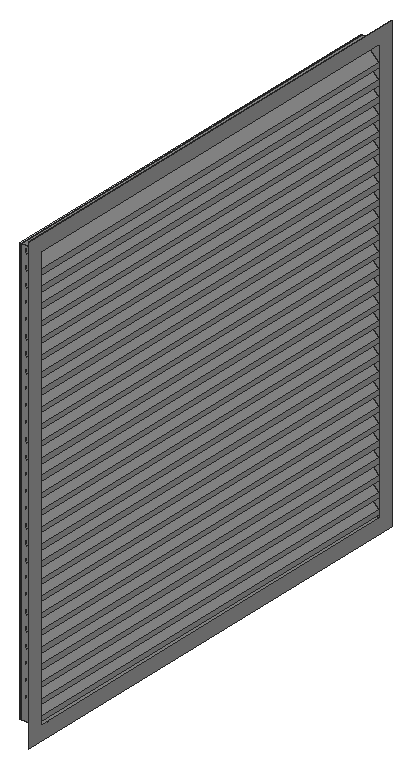
Revit family "Czerpnia ścienna CzS-A", category Terminale wentylacyjne, Revit 2018
Family settings
  Wymiar okrągłego złącza = Użyj średnicy
  Typ części = Normalny
  Numer OmniClass = 23.75.70.21.27.11
  Tytuł OmniClass = Diffusers, Registers, and Grilles
  Oparty na płaszczyźnie roboczej = Nie
  Zawsze pionowo = Tak
  Tnij formami wycięć po wczytaniu = Nie
  Współdzielony = Nie
  Punkt obliczania pomieszczeń = Nie
Parameters (values of type "KO")
  Wysokość wlotu = H - 10 mm  # 1490 mm
  Wysokość otworu montażowego = 1500 mm
  Wymiary - informacja = "Jeżeli czerpnia przekracza maksymalne wymiary modułu (2800x1500) konieczne jest dzielenie produktu na moduły, których wymiary są ustalane indywidualnie"  # constant formula
  Wykonanie stal ocynkowana = no
  Wykonanie stal nierdzewna = yes
  Wykonanie aluminium = no
  Wariant wykonania powyżej L=2350 mm i H=1500 mm [instance] = Czerpnie ścienne + podkonstrukcja : Czerpnie ścienne + podkonstrukcja
  Wariant wykonania - dzielenie [instance] = if(L < 2001 mm, "", if(S3, "Rama w całości + dzielona żaluzja czerpni", if(S2, "Czerpnie ścienne + podkonstrukcja", if(S1, "Czerpnie ścienne puzzle", ""))))  # ""
  Wariant montażu [instance] = Montaż widoczny na wkręty : Montaż widoczny na wkręty
  Waga [instance] = if(or(Wykonanie stal nierdzewna, Wykonanie stal ocynkowana), 1.00 kg * ((L / 1000 mm + 0.1) * 0.15 * 8 * 2) + ((H / 1000 mm + 0.1) * 0.15 kg * 8 * 2) + ((rounddown(H / Rozstaw lameli) * 0.11 kg * L / 1000 mm * 8) + 2.50 kg), ((L / 1000 mm + 0.1) * 0.15 kg * 1.5 * 2.7 * 2) + ((H / 1000 mm + 0.1) * 0.15 kg * 1.5 * 2.7 * 2) + (((rounddown(H / Rozstaw lameli)) * 0.11 kg * 1.5 * L / 1000 mm * 2.7) + 2.50 kg))  # 45.82 kg
  W3 [instance] = Wariant montażu = Montaż niewidoczny ramka  # no
  W2 [instance] = Wariant montażu = Montaż niewidoczny wąsy  # no
  W1 [instance] = Wariant montażu = Montaż widoczny na wkręty  # yes
  URL = "https://www.sawpol.pl/pl/oferta/item/12-czerpnie-powietrza/61-czs-a"
  Szerokość wlotu = L - 10 mm  # 1490 mm
  Szerokość ramy [instance] = if(Ramka z wywinięciem na ściane, if(or(L < 1001 mm, H < 1001 mm), 25 mm, 50 mm), 15 mm)  # 50 mm
  Szerokość otworu montażowego = 1500 mm
  Spadek ciśnienia [instance] = if(Prędkość przepływu = 0.0 m/s, 0.0 Pa, if(Rozstaw lameli 55 mm, 0.11 Pa * (Prędkość przepływu / (1.0 m/s)) ^ 2 + 5.02 Pa * (Prędkość przepływu / (1.0 m/s)) + 3.16 Pa, 0.1 Pa * (Prędkość przepływu / (1.0 m/s)) ^ 2 + 4.75 Pa * (Prędkość przepływu / (1.0 m/s)) + 2.78 Pa))  # 0.0 Pa
  S3 [instance] = if(and(and(L < 2351 mm, H < 1501 mm), L > 2000 mm), 2 > 1, 2 < 1)  # no
  S2 [instance] = and(L > 2350 mm, H > 1500 mm, [Wariant wykonania powyżej L=2350 mm i H=1500 mm] = Podkonstrukcja)  # no
  S1 [instance] = and(L > 2350 mm, H > 1500 mm, [Wariant wykonania powyżej L=2350 mm i H=1500 mm] = Puzzle)  # no
  Rozstaw lameli 65 mm [instance] = no
  Rozstaw lameli 55 mm [instance] = not(Rozstaw lameli 65 mm)  # yes
  Rozstaw lameli [instance] = if(Rozstaw lameli 55 mm, 55 mm, 65 mm)  # 55 mm
  Ramka z wywinięciem na ściane [instance] = not(Ramka w ceowniku)  # yes
  Ramka w ceowniku [instance] = no
  RAL informacja [instance] = "Jeżeli czerpnia ma zostać pomalowana na kolor z palety RAL, nalezy zaznaczyć poniższy parametr i wpisać numer koloru w parametr <Kolor RAL>"  # constant formula
  Puzzle [instance] = Czerpnie ścienne puzzle : Czerpnie ścienne puzzle
  Prędkość przepływu [instance] = Przepływ zdeklarowany / Powierzchnia efektywna  # 0.0 m/s
  Przepływ zdeklarowany [instance] = 0.0 m³/h
  Producent = "PPHU SAW-POL"  # constant formula
  Powierzchnia efektywna [instance] = if(Rozstaw lameli 55 mm, 0.58 * L * H, 0.67 * L * H)  # 1.305 m²
  Podkonstrukcja [instance] = Czerpnie ścienne + podkonstrukcja : Czerpnie ścienne + podkonstrukcja
  Obraz typu = CZS-A.jpg
  Montaż widoczny na wkręty [instance] = Montaż widoczny na wkręty : Montaż widoczny na wkręty
  Montaż niewidoczny wąsy [instance] = Montaż niewidoczny za pomocą wkrętów oraz wąsów : Montaż niewidoczny za pomocą wkrętów oraz wąsów
  Montaż niewidoczny ramka [instance] = Montaż niewidoczny za pomocą wkrętów oraz ramki : Montaż niewidoczny za pomocą wkrętów oraz ramki
  Montaż - informacja [instance] = "W przypadku konieczności zastosowania innego rodzaju montażu należy skontaktować się z producentem"  # constant formula
  Model = "CzS-A"  # constant formula
  Minimalna wysokość otworu montażowego = 300 mm  # constant formula
  Minimalna szerokość otworu montażowego = 300 mm  # constant formula
  Materiał piór = SAW-POL Stal nierdzewna
  Materiał = SAW-POL Stal nierdzewna
  Maksymalna wysokość otworu montażowego modułu = 1500 mm  # constant formula
  Maksymalna szerokość otworu montażowego modułu = 2800 mm  # constant formula
  L = if(Szerokość otworu montażowego < Minimalna szerokość otworu montażowego, Minimalna szerokość otworu montażowego, if(Szerokość otworu montażowego > Maksymalna szerokość otworu montażowego modułu, Maksymalna szerokość otworu montażowego modułu, Szerokość otworu montażowego))  # 1500 mm
  Komentarze do typu = "Czerpnia lub wyrzutnia powietrza"  # constant formula
  Kolor czerpni wg palety RAL [instance] = no
  Kolor RAL [instance] = "RAL9006"
  Kod produktu - budowa [instance] = size_lookup("Kod produktu CzS-A", "", " ", if(Wykonanie stal ocynkowana, 1, 0), if(Wykonanie aluminium, 1, 0), if(Wykonanie stal nierdzewna, 1, 0), if(Ramka z wywinięciem na ściane, 0, 1), if(W1, 1, 0), if(W2, 1, 0), if(W3, 1, 0))  # "KO/R1/W1"
  Kod produktu - RAL [instance] = if(not(Kolor czerpni wg palety RAL), "RAL9006", Kolor RAL)  # "RAL9006"
  Karta katalogowa = "https://www.sawpol.pl/pliki/pl/CzS-A_Saw-Pol.pdf"
  IfcExportAs = "IfcFlowTerminal"  # constant formula
  H = if(Wysokość otworu montażowego < Minimalna wysokość otworu montażowego, Minimalna wysokość otworu montażowego, if(Wysokość otworu montażowego > Maksymalna wysokość otworu montażowego modułu, Maksymalna szerokość otworu montażowego modułu, Wysokość otworu montażowego))  # 1500 mm
  Głębokość ramy [instance] = if(or(L < 1001 mm, H < 1001 mm), 55 mm, 70 mm)  # 70 mm
  Deklaracja zgodności = "10/DZ/2020/K"  # constant formula
  Atest Higieniczny = "HK/K/0522/02/2016"  # constant formula
Types (3, lengths in mm): name | Wysokość wlotu | Wysokość otworu montażowego | Wykonanie stal ocynkowana | Wykonanie stal nierdzewna | Wykonanie aluminium | Wariant wykonania powyżej L=2350 mm i H=1500 mm | Waga | Szerokość wlotu | Szerokość ramy | Szerokość otworu montażowego | Powierzchnia efektywna | Materiał piór | Materiał | L | Kod produktu - budowa | H | Głębokość ramy
  OC | 990 | 1000 | yes | no | no | Czerpnie ścienne + podkonstrukcja : Czerpnie ścienne + podkonstrukcja | 23.62 kg | 990 | 25 | 1000 | 0.58 m² | SAW_POL Stal ocynkowana | SAW_POL Stal ocynkowana | 1000 | "OC/R1/W1" | 1000 | 55
  AL | 990 | 1000 | no | no | yes | Czerpnie ścienne puzzle : Czerpnie ścienne puzzle | 13.192 kg | 990 | 25 | 1000 | 0.58 m² | SAW_POL Aluminium | SAW_POL Aluminium | 1000 | "AL/R1/W1" | 1000 | 55
  KO | 1490 | 1500 | no | yes | no | Czerpnie ścienne + podkonstrukcja : Czerpnie ścienne + podkonstrukcja | 45.82 kg | 1490 | 50 | 1500 | 1.305 m² | SAW-POL Stal nierdzewna | SAW-POL Stal nierdzewna | 1500 | "KO/R1/W1" | 1500 | 70
Reference planes
  plane 1 "Środek (Przód/Tył)": y = 0
  plane 2: z = 0
  plane 3 "Środek (Lewa/Prawa)": x = 0
  plane 4: y = 745
  plane 5: y = -745
  plane 6 "L": x = -35
  plane 7 "1": x = 35
  plane 8 "G": z = 745
  plane 9 "D": z = -745
  plane 10: y = -995
  plane 11: y = 250
  plane 12: y = -250
  plane 13: y = 300
  plane 14: y = -300
  plane 15: x = 292.5
  plane 16: z = 742
  plane 17: z = 750
  plane 18: z = -750
  plane 19: y = 750
  plane 20: y = -750
  plane 21: y = 248.333
  plane 22: y = -248.333
  plane 23 "2": x = 38.181
Forms (mm)
  Extrusion 1, solid, material "SAW-POL Stal nierdzewna" <- "Materiał", visible <- "Ramka z wywinięciem na ściane", detail levels medium+fine
    sketch origin (-35, 753.399, 1200) x (0, 1, 0) y (0, 0, 1)
      loop
        line (-1495.399, -458) -> (-1495.399, -1942) -> (-11.399, -1942) -> (-11.399, -458) -> (-1495.399, -458)
      loop
        line (-1498.399, -455) -> (-1498.399, -1945) -> (-8.399, -1945) -> (-8.399, -455) -> (-1498.399, -455)
    from 0 to 70
  Extrusion 2, solid, material "SAW-POL Stal nierdzewna" <- "Materiał", visible <- "Ramka z wywinięciem na ściane", detail levels medium+fine
    sketch origin (35, -925.227, 1200) x (0, -1, 0) y (0, 0, 1)
      loop
        line (-133.227, -408) -> (-1717.227, -408) -> (-1717.227, -1992) -> (-133.227, -1992) -> (-133.227, -408)
      loop
        line (-183.227, -458) -> (-1667.227, -458) -> (-1667.227, -1942) -> (-183.227, -1942) -> (-183.227, -458)
    from 3 to 0
  Extrusion 3, solid, material "SAW-POL Stal nierdzewna" <- "Materiał", visible <- "S3", detail levels medium+fine
    sketch origin (0, 0, -745) x (0, 1, 0) y (-1, 0, 0)
      loop
        line (0, -35.57) -> (10, -35.57) -> (10, -30) -> (0, -30) -> (-10, -30) -> (-10, -35.57) -> (0, -35.57)
    from 3 to 1487
  Extrusion 4, solid, material "SAW-POL Stal nierdzewna" <- "Materiał", visible <- "Ramka w ceowniku", detail levels medium+fine
    sketch origin (35, -925.227, 1200) x (0, -1, 0) y (0, 0, 1)
      loop
        line (-1675.227, -450) -> (-1675.227, -1950) -> (-175.227, -1950) -> (-175.227, -450) -> (-1675.227, -450)
      loop
        line (-1660.227, -465) -> (-1660.227, -1935) -> (-190.227, -1935) -> (-190.227, -465) -> (-1660.227, -465)
    from 3 to 0
  Extrusion 5, solid, material "SAW-POL Stal nierdzewna" <- "Materiał", visible <- "Ramka w ceowniku", detail levels medium+fine
    sketch origin (-35, 753.399, 1200) x (0, 1, 0) y (0, 0, 1)
      loop
        line (-3.399, -450) -> (-1503.399, -450) -> (-1503.399, -1950) -> (-3.399, -1950) -> (-3.399, -450)
      loop
        line (-18.399, -465) -> (-1488.399, -465) -> (-1488.399, -1935) -> (-18.399, -1935) -> (-18.399, -465)
    from 3 to 0
  Extrusion 6, solid, material "SAW-POL Stal nierdzewna" <- "Materiał", visible <- "Ramka w ceowniku", detail levels medium+fine
    sketch origin (-35, 753.399, 1200) x (0, 1, 0) y (0, 0, 1)
      loop
        line (-1500.399, -453) -> (-1500.399, -1947) -> (-6.399, -1947) -> (-6.399, -453) -> (-1500.399, -453)
      loop
        line (-1503.399, -450) -> (-1503.399, -1950) -> (-3.399, -1950) -> (-3.399, -450) -> (-1503.399, -450)
    from 0 to 70 <- "Głębokość ramy"
  Extrusion 7, solid, material "SAW-POL Stal nierdzewna" <- "Materiał", visible <- "S1", detail levels medium+fine
    sketch origin (0, -448.333, -745) x (0, 1, 0) y (-1, 0, 0)
      loop
        line (200, -35.57) -> (210, -35.57) -> (210, -30) -> (200, -30) -> (190, -30) -> (190, -35.57) -> (200, -35.57)
      loop
        line (696.667, -35.57) -> (706.667, -35.57) -> (706.667, -30) -> (696.667, -30) -> (686.667, -30) -> (686.667, -35.57) -> (696.667, -35.57)
    from 3 to 1495
Cuts and joins
  joined: Extrusion 1, Extrusion 2
  joined: Extrusion 4, Extrusion 5, Extrusion 6
Lines and regions (mm)
  model lines, style "SAW-POL", detail levels coarse
    curve 1: line (465, 125, 0) -> (115, 125, 0)
    curve 2: line (115, 125, 0) -> (177.354, 161, 0)
    curve 3: line (115, 125, 0) -> (174.582, 90.6, 0)
    curve 4: line (115, 0, 0) -> (465, 0, 0)
    curve 5: line (115, 0, 0) -> (177.354, 36, 0)
    curve 6: line (115, 0, 0) -> (174.582, -34.4, 0)
    curve 7: line (115, -125, 0) -> (465, -125, 0)
    curve 8: line (115, -125, 0) -> (177.354, -89, 0)
    curve 9: line (115, -125, 0) -> (174.582, -159.4, 0)
    curve 10: line (35, 300, 0) -> (35, -300, 0)
    curve 11: line (35, -250, 0) -> (-35, -250, 0)
    curve 12: line (-35, -250, 0) -> (-35, 250, 0)
    curve 13: line (-35, 250, 0) -> (35, 250, 0)
Dimensions and locks
  equal spacing: plane 4, plane 1 "Środek (Przód/Tył)", plane 5
  "Szerokość wlotu": plane 4 to plane 5
  equal spacing: plane 6 "L", plane 3 "Środek (Lewa/Prawa)", plane 7 "1"  (x2)
  equal spacing: plane 8 "G", level, plane 9 "D"
  "Wysokość wlotu": plane 8 "G" to plane 9 "D"
  "Głębokość ramy": plane 6 "L" to plane 7 "1"
  locked: Extrusion 1 sketch curve to Extrusion 1 sketch curve at 3  (x4)
  plane 5 to plane 10 = 250 mm
  locked: plane 11 to plane 1 "Środek (Przód/Tył)" at 250
  locked: plane 12 to plane 1 "Środek (Przód/Tył)" at 250
  locked: plane 13 to plane 11 at 50
  locked: plane 12 to plane 14 at 50
  equal spacing: Extrusion 3 sketch curve, plane 1 "Środek (Przód/Tył)", Extrusion 3 sketch curve
  locked: Extrusion 3 sketch curve to Extrusion 3 sketch curve at 20
  "Szerokość ramy": Extrusion 1 to Extrusion 2 sketch curve
  "Szerokość ramy": Extrusion 2 sketch curve to Extrusion 2 sketch curve  (x2)
  "Szerokość ramy": Extrusion 2 sketch curve to Extrusion 1
  locked: plane 8 "G" to plane 16 at 3
  equal spacing: plane 18, level, plane 17
  "H": plane 18 to plane 17
  equal spacing: plane 19, plane 1 "Środek (Przód/Tył)", plane 20
  "L": plane 19 to plane 20
  locked: Extrusion 4 sketch curve to plane 20 at 15
  locked: plane 19 to Extrusion 4 sketch curve at 15
  locked: plane 18 to Extrusion 4 sketch curve at 15
  locked: plane 17 to Extrusion 4 sketch curve at 15
  locked: Extrusion 6 sketch curve to Extrusion 6 sketch curve at 3  (x4)
  equal spacing: plane 4, plane 21, plane 22, plane 5
  Extrusion 7 sketch curve to Extrusion 7 sketch curve = 20 mm  (x2)
  equal spacing: Extrusion 7 sketch curve, plane 22, Extrusion 7 sketch curve
  equal spacing: Extrusion 7 sketch curve, plane 21, Extrusion 7 sketch curve
  locked: plane 7 "1" to plane 23 "2" at 3.181
  aligned and locked: level to plane 2
  aligned and locked: nested 1 to plane 1 "Środek (Przód/Tył)"
  aligned and locked: level to nested 1
  aligned and locked: plane 8 "G" to Extrusion 1
  aligned and locked: Extrusion 1 to plane 9 "D"
  aligned and locked: Extrusion 1 sketch curve to plane 4
  aligned and locked: Extrusion 1 sketch curve to plane 5
  aligned and locked: plane 7 "1" to nested 2
  aligned and locked: plane 7 "1" to nested 3
  aligned and locked: level to nested 4
  aligned and locked: nested 4 to plane 1 "Środek (Przód/Tył)"
  aligned and locked: nested 5 to plane 7 "1"
  aligned and locked: nested 6 to plane 7 "1"
  aligned and locked: curve 2 to nested 2
  aligned and locked: curve 3 to nested 2
  aligned and locked: curve 4 to nested 2
  aligned and locked: curve 5 to nested 2
  aligned and locked: curve 6 to nested 2
  aligned and locked: curve 7 to nested 2  (x2)
  aligned and locked: curve 8 to nested 2
  aligned and locked: curve 9 to nested 2
  aligned and locked: plane 13 to curve 10
  aligned and locked: plane 7 "1" to curve 10
  aligned and locked: curve 10 to curve 11
  aligned and locked: curve 11 to nested 2
  aligned and locked: curve 13 to nested 2
  aligned and locked: Extrusion 2 sketch curve to Extrusion 1  (x4)
  aligned and locked: Extrusion 1 to plane 7 "1"
  aligned and locked: Extrusion 3 to Extrusion 1
  aligned and locked: Extrusion 3 to plane 16
  aligned and locked: plane 17 to Extrusion 4 sketch curve
  aligned and locked: Extrusion 4 sketch curve to plane 19
  aligned and locked: plane 18 to Extrusion 4 sketch curve
  aligned and locked: plane 20 to Extrusion 4 sketch curve
  aligned and locked: Extrusion 6 sketch curve to plane 20
  aligned and locked: Extrusion 6 sketch curve to plane 17
  aligned and locked: Extrusion 6 sketch curve to plane 19
  aligned and locked: plane 18 to Extrusion 6 sketch curve
  aligned and locked: cut or joined group of Extrusion 4, Extrusion 5, Extrusion 6 to Extrusion 7
Automatic sketch dimensions
  curve 12 to plane 6 "L" = 0 mm
  plane 1 "Środek (Przód/Tył)" to curve 5 = 0 mm
  curve 10 to plane 14 = 0 mm
  curve 11 to plane 12 = 0 mm
  curve 12 to plane 11 = 0 mm
  curve 5 to plane 23 "2" = 76.819 mm
  curve 1 to plane 23 "2" = 76.819 mm
  curve 8 to plane 23 "2" = 76.819 mm
  curve 9 to curve 4 = 125 mm
  curve 2 to plane 1 "Środek (Przód/Tył)" = 125 mm
  plane 1 "Środek (Przód/Tył)" to curve 6 = 34.4 mm
  curve 4 to curve 6 = 59.582 mm
  curve 1 to curve 3 = 59.582 mm
  curve 7 to curve 9 = 59.582 mm
  curve 3 to curve 2 = 2.771 mm
  curve 6 to curve 8 = 2.771 mm
  curve 5 to plane 1 "Środek (Przód/Tył)" = 36 mm
  curve 3 to curve 5 = 2.771 mm
  curve 4 to plane 15 = 172.5 mm
  curve 7 to curve 4 = 0 mm
  curve 1 to curve 4 = 0 mm
  curve 9 to curve 7 = 34.4 mm
  curve 8 to curve 6 = 54.6 mm
  curve 5 to curve 3 = 54.6 mm
  curve 3 to curve 2 = 70.4 mm
  plane 9 "D" to Extrusion 1 sketch curve = 0 mm
  plane 16 to Extrusion 1 sketch curve = 0 mm
  plane 1 "Środek (Przód/Tył)" to Extrusion 3 sketch curve = 0 mm  (x2)
  Extrusion 3 sketch curve to plane 7 "1" = 0.57 mm
  plane 7 "1" to Extrusion 3 sketch curve = 5 mm
  Extrusion 5 sketch curve to plane 17 = 0 mm
  Extrusion 5 sketch curve to plane 20 = 0 mm
  plane 18 to Extrusion 5 sketch curve = 0 mm
  Extrusion 5 sketch curve to plane 19 = 0 mm
  plane 5 to Extrusion 5 sketch curve = 10 mm
  Extrusion 5 sketch curve to plane 4 = 10 mm
  plane 9 "D" to Extrusion 5 sketch curve = 10 mm
  plane 16 to Extrusion 5 sketch curve = 7 mm
  Extrusion 7 sketch curve to plane 22 = 0 mm  (x2)
  Extrusion 7 sketch curve to plane 21 = 0 mm  (x2)
  Extrusion 7 sketch curve to Extrusion 7 sketch curve = 10 mm
  Extrusion 7 sketch curve to plane 7 "1" = 0.57 mm  (x2)
  Extrusion 7 sketch curve to plane 21 = 10 mm
  plane 7 "1" to Extrusion 7 sketch curve = 5 mm  (x2)
Nested families
  nested 1: "Lamele" at (38.181, 0, 0) x (0, -1, 0) z (1, 0, 0), Szerokość <- "L", Wysokość <- "H", Materiał <- "Materiał piór", Rozstaw lameli <- "Rozstaw lameli", type "Lamele", detail levels medium+fine
    with Wysokość 1500 mm, Szerokość 1500 mm, Start 50 mm, Rozstaw lameli 55 mm, Materiał SAW-POL Stal nierdzewna, Liczba lameli 27
  nested 2: "Czerpnia rzut" at (0, 0, 0), S <- "Głębokość ramy", type "Czerpnia rzut", detail levels coarse
    with S 70 mm, H 500 mm
  nested 3: "Czerpnia rzut" at (0, 0, 0), H <- "Szerokość wlotu", S <- "Głębokość ramy", type "Czerpnia rzut", detail levels medium+fine
    with S 70 mm, H 1490 mm
  nested 4: "Czerpnia lub wyrzutnia prostokątna widok" at (-115, 0, 0) x (0, -1, 0) z (1, 0, 0), Szerokość <- "Szerokość wlotu", Wysokość <- "Wysokość wlotu", Szerokość ramy <- "Szerokość ramy", type "Czerpnia lub wyrzutnia prostokątna widok"
    with Wysokość 1490 mm, Szerokość ramy 50 mm, Szerokość 1490 mm
  nested 5: "Czerpnia elewacja" at (0, 250, 0) x (1, 0, 0) z (0, 1, 0), H <- "Wysokość wlotu", S <- "Głębokość ramy", type "Czerpnia elewacja", detail levels medium+fine
    with S 70 mm, Rozstaw lameli na wysokości 1330 mm, Liczba lameli 8, H 1490 mm, Długość kanału 1000 mm
  nested 6: "Czerpnia elewacja" at (0, 250, 0) x (1, 0, 0) z (0, 1, 0), S <- "Głębokość ramy", type "Czerpnia elewacja", detail levels coarse
    with S 70 mm, Rozstaw lameli na wysokości 340 mm, Liczba lameli 2, H 500 mm, Długość kanału 1000 mm
  nested 7: "Siatka ochronna" at (-35, 0, 0) x (0, 1, 0) z (1, 0, 0), C <- "L", D <- "H", type "Siatka ochronna", detail levels medium+fine
    with D+15 1490 mm, D 1500 mm, C+15 1490 mm, C 1500 mm
Connectors
  hvac at (-35, 0, 0), driven by "Wysokość wlotu", driven by "Szerokość wlotu", driven by "Przepływ zdeklarowany", driven by "Spadek ciśnienia"
    settings: on Extrusion 1, index 1, duct flow 0.0 m³/h, flow factor 1, pres drop 0.0 Pa, loss coef 1, conn angle 0.00°, conn width 1490 mm, conn height 1490 mm, conn diameter 609.6 mm, duct sys type 1, conn prof type 1, flow config 0, flow direction 0, loss method 4, conn ref index -1, conn util no, is conn primary yes, conn desc ""
Definition of nested family "Lamele"
  Parameters (values of type "Lamele")
    Wysokość [instance] = 1000 mm
    Szerokość [instance] = 2000 mm
    Start [instance] = 50 mm  # constant formula
    Rozstaw lameli [instance] = 55 mm
    Materiał [instance] = none
    Liczba lameli [instance] = Wysokość / Rozstaw lameli  # 18
    Default Elevation = 1219.2 mm
  Reference planes
    plane 1 "Środek (Przód/Tył)": y = 0
    plane 2: z = 0
    plane 3 "Środek (Lewa/Prawa)": x = 0
    plane 4: y = 500
    plane 5: y = -500
    plane 6: x = -1000
    plane 7: x = 1000
    plane 8: y = 0
    plane 9: y = 450
    plane 10: y = -450
    plane 11: x = 992.5
    plane 12: y = -492.5
    plane 13: x = -992.5
    plane 14: y = 492.5
    plane 15: z = -30
  Forms (mm)
    Extrusion 1, solid
      sketch origin (0, 0, 0) x (1, 0, 0) y (0, 1, 0)
        loop
          line (-1219.2, 1219.2) -> (-1219.2, -1219.2) -> (1219.2, -1219.2) -> (1219.2, 1219.2) -> (-1219.2, 1219.2)
      from 0 to -304.8
  Dimensions and locks
    equal spacing: plane 6, plane 3 "Środek (Lewa/Prawa)", plane 7
    "Szerokość": plane 6 to plane 7
    equal spacing: plane 4, plane 1 "Środek (Przód/Tył)", plane 5
    "Wysokość": plane 4 to plane 5
    equal spacing: group 1, group 3, group 4, group 5, group 6, group 7, group 8, group 9, group 10, group 11, group 12, group 13, group 14, group 15, group 16, group 17, group 18, group 2  (x2)
    equal spacing: group 2, group 18, group 17, group 16, group 15, group 14, group 13, group 12, group 11, group 10, group 9, group 8, group 7, group 6, group 5, group 4, group 3, group 1
    "Start": plane 4 to plane 9
    "Start": plane 10 to plane 5
    locked: plane 4 to plane 14 at 7.5
    locked: plane 6 to plane 13 at 7.5
    locked: plane 11 to plane 7 at 7.5
    locked: plane 5 to plane 12 at 7.5
    aligned and locked: plane 2 to Extrusion 1
    aligned and locked: level to Extrusion 1
    aligned and locked: nested 2 to plane 10
    aligned and locked: nested 1 to plane 9
  Automatic sketch dimensions
    Extrusion 1 sketch curve to Extrusion 1 sketch curve = 2438.4 mm  (x2)
  Nested families
    nested 1: "Lamela" at (0, 450, -30), Szerokość <- "Szerokość", Materiał <- "Materiał", type "Lamela"
      with Szerokość 2000 mm, Materiał none
    nested 2: "Lamela" at (0, -450, -30), Szerokość <- "Szerokość", Materiał <- "Materiał", type "Lamela"
      with Szerokość 2000 mm, Materiał none
    nested 3: "Lamela" at (0, 397.059, -30), Szerokość <- "Szerokość", Materiał <- "Materiał", type "Lamela"
      with Szerokość 2000 mm, Materiał none
    nested 4: "Lamela" at (0, 344.118, -30), Szerokość <- "Szerokość", Materiał <- "Materiał", type "Lamela"
      with Szerokość 2000 mm, Materiał none
    nested 5: "Lamela" at (0, 291.176, -30), Szerokość <- "Szerokość", Materiał <- "Materiał", type "Lamela"
      with Szerokość 2000 mm, Materiał none
    nested 6: "Lamela" at (0, 238.235, -30), Szerokość <- "Szerokość", Materiał <- "Materiał", type "Lamela"
      with Szerokość 2000 mm, Materiał none
    nested 7: "Lamela" at (0, 185.294, -30), Szerokość <- "Szerokość", Materiał <- "Materiał", type "Lamela"
      with Szerokość 2000 mm, Materiał none
    nested 8: "Lamela" at (0, 132.353, -30), Szerokość <- "Szerokość", Materiał <- "Materiał", type "Lamela"
      with Szerokość 2000 mm, Materiał none
    nested 9: "Lamela" at (0, 79.412, -30), Szerokość <- "Szerokość", Materiał <- "Materiał", type "Lamela"
      with Szerokość 2000 mm, Materiał none
    nested 10: "Lamela" at (0, 26.471, -30), Szerokość <- "Szerokość", Materiał <- "Materiał", type "Lamela"
      with Szerokość 2000 mm, Materiał none
    nested 11: "Lamela" at (0, -26.471, -30), Szerokość <- "Szerokość", Materiał <- "Materiał", type "Lamela"
      with Szerokość 2000 mm, Materiał none
    nested 12: "Lamela" at (0, -79.412, -30), Szerokość <- "Szerokość", Materiał <- "Materiał", type "Lamela"
      with Szerokość 2000 mm, Materiał none
    nested 13: "Lamela" at (0, -132.353, -30), Szerokość <- "Szerokość", Materiał <- "Materiał", type "Lamela"
      with Szerokość 2000 mm, Materiał none
    nested 14: "Lamela" at (0, -185.294, -30), Szerokość <- "Szerokość", Materiał <- "Materiał", type "Lamela"
      with Szerokość 2000 mm, Materiał none
    nested 15: "Lamela" at (0, -238.235, -30), Szerokość <- "Szerokość", Materiał <- "Materiał", type "Lamela"
      with Szerokość 2000 mm, Materiał none
    nested 16: "Lamela" at (0, -291.176, -30), Szerokość <- "Szerokość", Materiał <- "Materiał", type "Lamela"
      with Szerokość 2000 mm, Materiał none
    nested 17: "Lamela" at (0, -344.118, -30), Szerokość <- "Szerokość", Materiał <- "Materiał", type "Lamela"
      with Szerokość 2000 mm, Materiał none
    nested 18: "Lamela" at (0, -397.059, -30), Szerokość <- "Szerokość", Materiał <- "Materiał", type "Lamela"
      with Szerokość 2000 mm, Materiał none
  Definition of nested family "Lamela"
    Parameters (values of type "Lamela")
      Szerokość [instance] = 2000 mm
      Materiał [instance] = none
      Default Elevation = 1219.2 mm
    Reference planes
      plane 1 "Środek (Przód/Tył)": y = 0
      plane 2: z = 0
      plane 3 "Środek (Lewa/Prawa)": x = 0
      plane 4: x = -1000
      plane 5: x = 1000
      plane 6: x = -992.5
      plane 7: x = 992.5
    Forms (mm)
      Extrusion 1, solid
        sketch origin (0, 0, 0) x (1, 0, 0) y (0, 1, 0)
          loop
            line (-1219.2, 1219.2) -> (-1219.2, -1219.2) -> (1219.2, -1219.2) -> (1219.2, 1219.2) -> (-1219.2, 1219.2)
        from 0 to -304.8
      Extrusion 2, solid, material <- "Materiał", detail levels fine
        sketch origin (0, 0.293, 0.293) x (0, 0, -1) y (0, 1, 0)
          loop
            line (-21.256, 36.766) -> (-21.256, 19.842) -> (24.042, -25.456) -> (24.042, -39.169) -> (26.042, -39.169) -> (26.042, -24.627) -> (-19.256, 20.671) -> (-19.256, 31.938) -> (-12.064, 24.745) -> (-10.65, 26.16) -> (-21.256, 36.766)
        from -992.5 to 992.5
      Extrusion 3, solid, material <- "Materiał", detail levels medium
        sketch origin (0, 0, 0) x (0, 1, 0) y (0, 0, 1)
          loop
            line (21.978, 37.106) -> (-40.188, -25.06) -> (-24.869, -40.379) -> (37.297, 21.787) -> (21.978, 37.106)
        from -992.5 to 992.5
    Dimensions and locks
      locked: plane 4 to plane 6 at 7.5
      locked: plane 7 to plane 5 at 7.5
      equal spacing: plane 4, plane 3 "Środek (Lewa/Prawa)", plane 5
      "Szerokość": plane 4 to plane 5
      aligned and locked: plane 2 to Extrusion 1
      aligned and locked: level to Extrusion 1
      aligned and locked: Extrusion 2 to plane 6
      aligned and locked: plane 7 to Extrusion 2
      aligned and locked: Extrusion 3 to plane 6
      aligned and locked: plane 7 to Extrusion 3
    Automatic sketch dimensions
      Extrusion 1 sketch curve to Extrusion 1 sketch curve = 2438.4 mm  (x2)
      level to Extrusion 2 sketch curve = 21.549 mm
      Extrusion 2 sketch curve to Extrusion 2 sketch curve = 2 mm  (x2)
      Extrusion 2 sketch curve to Extrusion 2 sketch curve = 7.192 mm
      Extrusion 2 sketch curve to Extrusion 2 sketch curve = 1.414 mm  (x2)
      Extrusion 2 sketch curve to level = 23.749 mm
      plane 1 "Środek (Przód/Tył)" to Extrusion 2 sketch curve = 25.163 mm
      Extrusion 2 sketch curve to Extrusion 2 sketch curve = 0.828 mm  (x2)
      Extrusion 2 sketch curve to plane 1 "Środek (Przód/Tył)" = 20.135 mm
      Extrusion 2 sketch curve to Extrusion 2 sketch curve = 4.075 mm
      Extrusion 2 sketch curve to Extrusion 2 sketch curve = 13.713 mm
      plane 1 "Środek (Przód/Tył)" to Extrusion 3 sketch curve = 40.188 mm
      Extrusion 3 sketch curve to Extrusion 3 sketch curve = 15.319 mm  (x2)
      Extrusion 3 sketch curve to plane 1 "Środek (Przód/Tył)" = 21.978 mm
      Extrusion 3 sketch curve to level = 40.379 mm
Definition of nested family "Siatka ochronna"
  Parameters (values of type "Siatka ochronna")
    Materiał = none
    Default Elevation = 1219.2 mm
    D+15 [instance] = D - 10 mm  # 990 mm
    D [instance] = 1000 mm
    C+15 [instance] = C - 10 mm  # 990 mm
    C [instance] = 1000 mm
  Reference planes
    plane 1 "Środek (Przód/Tył)": y = 0
    plane 2: z = 0
    plane 3 "Środek (Lewa/Prawa)": x = 0
    plane 4: x = -495
    plane 5: x = 495
    plane 6: y = 495
    plane 7: y = -495
    plane 8: z = -400
    plane 9: x = -485
    plane 10: y = 485
    plane 11: x = 485
    plane 12: y = -485
  Forms (mm)
    Extrusion 1, solid
      sketch origin (0, 0, 0) x (1, 0, 0) y (0, 1, 0)
        loop
          line (-1219.2, 1219.2) -> (-1219.2, -1219.2) -> (1219.2, -1219.2) -> (1219.2, 1219.2) -> (-1219.2, 1219.2)
      from 0 to -304.8
    Extrusion 2, solid, material <- "Materiał"
      sketch origin (0, 0, 0) x (1, 0, 0) y (0, 1, 0)
        loop
          line (-495, 495) -> (-495, -495) -> (495, -495) -> (495, 495) -> (-495, 495)
        loop
          line (-485, -485) -> (485, -485) -> (485, 485) -> (-485, 485) -> (-485, -485)
      from 0 to 3
    Extrusion 3, solid
      sketch origin (0, 0, 3) x (1, 0, 0) y (0, 1, 0)
        loop
          line (-485, 485) -> (-485, -485) -> (494.184, -485) -> (494.184, 485) -> (-485, 485)
      from -3 to -2
  Dimensions and locks
    equal spacing: plane 4, plane 3 "Środek (Lewa/Prawa)", plane 5
    "C+15": plane 4 to plane 5
    equal spacing: plane 6, plane 1 "Środek (Przód/Tył)", plane 7
    "D+15": plane 6 to plane 7
    plane 2 to plane 8 = 400 mm
    locked: plane 6 to plane 10 at 10
    locked: plane 4 to plane 9 at 10
    locked: plane 11 to plane 5 at 10
    locked: plane 12 to plane 7 at 10
    aligned and locked: plane 2 to Extrusion 1
    aligned and locked: level to Extrusion 1
    aligned and locked: Extrusion 2 sketch curve to plane 4
    aligned and locked: Extrusion 2 sketch curve to plane 6
    aligned and locked: Extrusion 2 sketch curve to plane 5
    aligned and locked: Extrusion 2 sketch curve to plane 7
    aligned and locked: Extrusion 2 sketch curve to plane 11
    aligned and locked: Extrusion 2 sketch curve to plane 12
    aligned and locked: Extrusion 2 sketch curve to plane 9
    aligned and locked: Extrusion 2 sketch curve to plane 10
  Automatic sketch dimensions
    Extrusion 1 sketch curve to Extrusion 1 sketch curve = 2438.4 mm  (x2)
    Extrusion 3 sketch curve to Extrusion 2 = 9.184 mm
    Extrusion 3 sketch curve to Extrusion 2 = 10 mm  (x3)
Definition of nested family "Czerpnia rzut"
  Parameters (values of type "Czerpnia rzut")
    S [instance] = 200 mm
    H [instance] = 2000 mm
  Reference planes
    plane 1 "Środek (Przód/Tył)": y = 0
    plane 2: z = 0
    plane 3 "Środek (Lewa/Prawa)": x = 0
    plane 4: y = 1000
    plane 5: y = -1000
    plane 6: x = -100
    plane 7: x = 100
    plane 8: y = 500
    plane 9: y = -500
    plane 10: x = 65
    plane 11: x = -65
    plane 12: x = 74.5
    plane 13: x = -900
    plane 14: x = 324
  Lines and regions (mm)
    model lines, in view "Poziom odniesienia"
      curve 1: line (-100, 1000, 0) -> (100, 1000, 0)
      curve 2: line (-100, 1000, 0) -> (-100, -1000, 0)
      curve 3: line (100, 1050, 0) -> (100, -1050, 0)
      curve 4: line (-100, -1000, 0) -> (100, -1000, 0)
      curve 5: line (180, -500, 0) -> (468, -500, 0)
      curve 6: line (180, -500, 0) -> (242.354, -464, 0)
      curve 7: line (180, -500, 0) -> (239.582, -534.4, 0)
    detail lines, in view "Poziom odniesienia"
      curve 8: line (180, 0, 0) -> (468, 0, 0)
      curve 9: line (180, 0, 0) -> (242.354, 36, 0)
      curve 10: line (180, 0, 0) -> (239.582, -34.4, 0)
      curve 11: line (180, 500, 0) -> (468, 500, 0)
      curve 12: line (180, 500, 0) -> (242.354, 536, 0)
      curve 13: line (180, 500, 0) -> (239.582, 465.6, 0)
  Dimensions and locks
    "S": plane 6 to plane 7
    "H": plane 4 to plane 5
    equal spacing: plane 4, plane 1 "Środek (Przód/Tył)", plane 5
    equal spacing: plane 6, plane 3 "Środek (Lewa/Prawa)", plane 7
    equal spacing: plane 4, plane 8, plane 1 "Środek (Przód/Tył)", plane 9, curve 4
    locked: plane 10 to plane 7 at 35
    locked: plane 6 to plane 11 at 35
    locked: plane 5 to curve 3 at 50
    locked: curve 3 to plane 4 at 50
    locked: plane 12 to plane 7 at 25.5
    plane 13 to plane 7 = 1000 mm
    angle plane 9 to curve 7 to curve 6 = 150.00° locked, 60.00° locked
    locked: curve 10 to curve 9 (angle 60.00°)
    locked: curve 13 to curve 12 (angle 60.00°)
    locked: curve 12 to plane 8 (angle 150.00°)
    locked: curve 9 to plane 1 "Środek (Przód/Tył)" (angle 150.00°)
    aligned and locked: curve 1 to plane 4
    aligned and locked: curve 2 to plane 6
    aligned and locked: curve 3 to plane 7
    aligned and locked: curve 11 to plane 8
    aligned and locked: plane 1 "Środek (Przód/Tył)" to curve 8
  Automatic sketch dimensions
    curve 5 to plane 9 = 0 mm
    plane 7 to curve 5 = 80 mm
    plane 7 to curve 10 = 80 mm
    plane 7 to curve 13 = 80 mm
    curve 7 to plane 9 = 34.4 mm
    curve 5 to curve 7 = 59.582 mm
    plane 9 to curve 6 = 36 mm
    curve 7 to curve 6 = 2.771 mm
    curve 3 to plane 5 = 50 mm
    curve 1 to curve 3 = 50 mm
    curve 5 to plane 14 = 144 mm
    curve 8 to plane 14 = 144 mm
    curve 11 to plane 14 = 144 mm
Definition of nested family "Czerpnia lub wyrzutnia prostokątna widok"
  Parameters (values of type "Czerpnia lub wyrzutnia prostokątna widok")
    Wysokość [instance] = 2000 mm
    Szerokość ramy [instance] = 50 mm
    Szerokość [instance] = 1000 mm
  Reference planes
    plane 1 "Środek (Przód/Tył)": y = 0
    plane 2: z = 0
    plane 3 "Środek (Lewa/Prawa)": x = 0
    plane 4: y = 1047
    plane 5: y = -1047
    plane 6: x = -547
    plane 7: x = 547
    plane 8: y = 209.4
    plane 9: y = -628.2
    plane 10: x = 521.5
    plane 11: y = 628.2
    plane 12: y = -209.4
    plane 13: x = -250
    plane 14: x = 250
    plane 15: y = 249.916
    plane 16: y = -249.916
    plane 17: y = 49.983
    plane 18: y = -49.983
    plane 19: y = -149.949
    plane 20: y = 149.949
    plane 21: y = -997
    plane 22: y = 997
    plane 23: y = 1000
    plane 24: y = -1000
    plane 25: x = -497
    plane 26: x = 497
    plane 27: x = -500
    plane 28: x = 500
  Lines and regions (mm)
    model lines, in view "Poziom odniesienia", detail levels medium+fine
      curve 1: line (-547, 1047, 0) -> (547, 1047, 0)
      curve 2: line (-547, 1047, 0) -> (-547, -1047, 0)
      curve 3: line (547, 1047, 0) -> (547, -1047, 0)
      curve 4: line (-547, -1047, 0) -> (547, -1047, 0)
    detail lines, in view "Poziom odniesienia", detail levels medium+fine
      curve 5: line (-547, 69.65, 0) -> (-547, 159.667, 0)
      curve 6: line (-547, 159.667, 0) -> (-547, 169.667, 0)
      curve 7: line (-497, 997, 0) -> (497, 997, 0)
      curve 8: line (-497, -997, 0) -> (-497, 997, 0)
      curve 9: line (497, -997, 0) -> (-497, -997, 0)
      curve 10: line (497, 997, 0) -> (497, -997, 0)
      curve 11: line (-497, -628.2, 0) -> (497, -628.2, 0)
      curve 12: line (-497, -209.4, 0) -> (497, -209.4, 0)
      curve 13: line (-497, 209.4, 0) -> (497, 209.4, 0)
      curve 14: line (-497, 628.2, 0) -> (497, 628.2, 0)
    detail lines, in view "Poziom odniesienia", detail levels coarse
      curve 15: line (-250, 249.916, 0) -> (250, 249.916, 0)
      curve 16: line (-250, 249.916, 0) -> (-250, -249.916, 0)
      curve 17: line (250, 249.916, 0) -> (250, -249.916, 0)
      curve 18: line (-250, -249.916, 0) -> (250, -249.916, 0)
      curve 19: line (-200, 199.916, 0) -> (200, 199.916, 0)
      curve 20: line (-200, -199.916, 0) -> (-200, 199.916, 0)
      curve 21: line (200, -199.916, 0) -> (-200, -199.916, 0)
      curve 22: line (200, 199.916, 0) -> (200, -199.916, 0)
      curve 23: line (-200, -149.949, 0) -> (200, -149.949, 0)
      curve 24: line (-200, -49.983, 0) -> (200, -49.983, 0)
      curve 25: line (-200, 49.983, 0) -> (200, 49.983, 0)
      curve 26: line (-200, 149.949, 0) -> (200, 149.949, 0)
  Dimensions and locks
    equal spacing: plane 4, plane 1 "Środek (Przód/Tył)", plane 5
    equal spacing: plane 6, plane 3 "Środek (Lewa/Prawa)", plane 7
    equal spacing: plane 4, plane 11, plane 8, plane 12, plane 9, plane 5
    equal spacing: plane 13, plane 3 "Środek (Lewa/Prawa)", plane 14
    locked: plane 13 to plane 14 at 500
    equal spacing: plane 15, plane 1 "Środek (Przód/Tył)", plane 16
    locked: plane 15 to plane 16 at 499.831
    equal spacing: plane 15, plane 20, plane 17, plane 18, plane 19, plane 16
    locked: curve 16 to curve 20 at 50
    locked: curve 19 to curve 15 at 50
    locked: curve 21 to plane 16 at 50
    locked: curve 22 to curve 17 at 50
    locked: plane 21 to plane 24 at 3
    locked: plane 23 to plane 22 at 3
    "Szerokość ramy": plane 4 to plane 22
    "Szerokość ramy": plane 21 to plane 5
    "Wysokość": plane 23 to plane 24
    equal spacing: plane 25, plane 3 "Środek (Lewa/Prawa)", plane 26
    locked: plane 27 to plane 25 at 3
    locked: plane 26 to plane 28 at 3
    "Szerokość": plane 27 to plane 28
    "Szerokość ramy": plane 6 to plane 25
    aligned and locked: curve 2 to plane 6
    aligned and locked: curve 3 to plane 7
    aligned and locked: plane 6 to curve 5
    aligned and locked: curve 11 to plane 9
    aligned and locked: curve 12 to plane 12
    aligned and locked: curve 13 to plane 8
    aligned and locked: curve 14 to plane 11
    aligned and locked: curve 26 to plane 20
    aligned and locked: curve 25 to plane 17
    aligned and locked: curve 24 to plane 18
    aligned and locked: curve 23 to plane 19
    aligned and locked: curve 16 to plane 13
    aligned and locked: curve 18 to plane 16
    aligned and locked: curve 15 to plane 15
    aligned and locked: plane 21 to curve 9
    aligned and locked: curve 10 to plane 26
    aligned and locked: plane 25 to curve 8
    aligned and locked: curve 1 to plane 4
    aligned and locked: curve 7 to plane 22
    aligned and locked: curve 4 to plane 5
  Automatic sketch dimensions
    curve 17 to plane 14 = 0 mm
    plane 20 to curve 6 = 9.717 mm
    plane 17 to curve 5 = 19.667 mm
    curve 5 to curve 6 = 10 mm
Definition of nested family "Czerpnia elewacja"
  Parameters (values of type "Czerpnia elewacja")
    S [instance] = 200 mm
    Rozstaw lameli na wysokości [instance] = H - 160 mm  # 1340 mm
    Liczba lameli [instance] = if(H > 415 mm, round(H / 175 mm) - 1, 2)  # 8
    H [instance] = 1500 mm
    Długość kanału [instance] = 1000 mm
  Reference planes
    plane 1 "Środek (Przód/Tył)": y = 0
    plane 2: z = 0
    plane 3 "Środek (Lewa/Prawa)": x = 0
    plane 4: y = 750
    plane 5: y = -750
    plane 6: x = -100
    plane 7: x = 100
    plane 8: y = 375
    plane 9: y = -375
    plane 10: x = 65
    plane 11: x = -65
    plane 12: x = 74.5
    plane 13: y = -250
    plane 14: y = 250
    plane 15: y = -670
    plane 16: y = -215
    plane 17: y = 215
    plane 18: y = -180
    plane 19: y = 180
  Lines and regions (mm)
    model lines, in view "Poziom odniesienia"
      curve 1: line (-100, 750, 0) -> (100, 750, 0)
      curve 2: line (-100, 750, 0) -> (-100, -750, 0)
      curve 3: line (100, 800, 0) -> (100, -800, 0)
      curve 4: line (-100, -750, 0) -> (100, -750, 0)
    detail lines, in view "Poziom odniesienia"
      curve 5: line (180.055, -375, 0) -> (468.055, -375, 0)
      curve 6: line (180.055, -375, 0) -> (242.409, -339, 0)
      curve 7: line (180.055, -375, 0) -> (239.637, -409.4, 0)
      curve 8: line (180, 0, 0) -> (468, 0, 0)
      curve 9: line (180, 0, 0) -> (242.354, 36, 0)
      curve 10: line (180, 0, 0) -> (239.582, -34.4, 0)
      curve 11: line (180, 375, 0) -> (468, 375, 0)
      curve 12: line (180, 375, 0) -> (242.354, 411, 0)
      curve 13: line (180, 375, 0) -> (239.582, 340.6, 0)
    detail lines, in view "Poziom odniesienia", not visible
      curve 14: line (180, -250, 0) -> (468, -250, 0)
      curve 15: line (180, -250, 0) -> (242.354, -214, 0)
      curve 16: line (180, -250, 0) -> (239.582, -284.4, 0)
    detail lines, in view "Poziom odniesienia", detail levels medium+fine
      curve 17: line (0, -670, 0) -> (24.749, -645.251, 0)
      curve 18: line (0, -670, 0) -> (-24.749, -694.749, 0)
      curve 19: line (0, 670, 0) -> (24.749, 694.749, 0)
      curve 20: line (0, 670, 0) -> (-24.749, 645.251, 0)
      curve 21: line (0, -478.571, 0) -> (24.749, -453.823, 0)
      curve 22: line (0, -478.571, 0) -> (-24.749, -503.32, 0)
      curve 23: line (0, -287.143, 0) -> (24.749, -262.394, 0)
      curve 24: line (0, -287.143, 0) -> (-24.749, -311.892, 0)
      curve 25: line (0, -95.714, 0) -> (24.749, -70.966, 0)
      curve 26: line (0, -95.714, 0) -> (-24.749, -120.463, 0)
      curve 27: line (0, 95.714, 0) -> (24.749, 120.463, 0)
      curve 28: line (0, 95.714, 0) -> (-24.749, 70.966, 0)
      curve 29: line (0, 287.143, 0) -> (24.749, 311.892, 0)
      curve 30: line (0, 287.143, 0) -> (-24.749, 262.394, 0)
      curve 31: line (0, 478.571, 0) -> (24.749, 503.32, 0)
      curve 32: line (0, 478.571, 0) -> (-24.749, 453.823, 0)
    detail lines, in view "Poziom odniesienia", detail levels coarse
      curve 33: line (0, -180, 0) -> (24.749, -155.251, 0)
      curve 34: line (0, -180, 0) -> (-24.749, -204.749, 0)
      curve 35: line (0, 180, 0) -> (24.749, 204.749, 0)
      curve 36: line (0, 180, 0) -> (-24.749, 155.251, 0)
      curve 37: line (0, -60, 0) -> (24.749, -35.251, 0)
      curve 38: line (0, -60, 0) -> (-24.749, -84.749, 0)
      curve 39: line (0, 60, 0) -> (24.749, 84.749, 0)
      curve 40: line (0, 60, 0) -> (-24.749, 35.251, 0)
  Dimensions and locks
    "S": plane 6 to plane 7
    "H": plane 4 to plane 5
    equal spacing: plane 4, plane 1 "Środek (Przód/Tył)", plane 5
    equal spacing: plane 6, plane 3 "Środek (Lewa/Prawa)", plane 7
    equal spacing: plane 4, plane 8, plane 1 "Środek (Przód/Tył)", plane 9, curve 4
    locked: plane 10 to plane 7 at 35
    locked: plane 6 to plane 11 at 35
    locked: plane 5 to curve 3 at 50
    locked: curve 3 to plane 4 at 50
    locked: plane 12 to plane 7 at 25.5
    plane 4 to plane 5 = 1500 mm
    equal spacing: group 3, group 5, group 6, group 7, group 8, group 9, group 10, group 4  (x3)
    locked: plane 15 to plane 5 at 80
    "Rozstaw lameli na wysokości": curve 18 to curve 20
    equal spacing: plane 14, plane 1 "Środek (Przód/Tył)", plane 13
    locked: plane 14 to plane 13 at 500
    locked: plane 16 to plane 13 at 35
    locked: plane 14 to plane 17 at 35
    plane 18 to plane 16 = 35 mm
    equal spacing: group 11, group 13, group 14, group 12  (x3)
    locked: plane 7 to curve 13 at 80
    locked: plane 7 to curve 10 at 80
    locked: plane 7 to curve 7 at 80.055
    locked: curve 10 to curve 9 (angle 60.00°)
    locked: curve 13 to curve 12 (angle 60.00°)
    locked: curve 12 to plane 8 (angle 150.00°)
    locked: curve 9 to plane 1 "Środek (Przód/Tył)" (angle 150.00°)
    aligned and locked: curve 1 to plane 4
    aligned and locked: curve 2 to plane 6
    aligned and locked: curve 3 to plane 7
    aligned and locked: curve 11 to plane 8
    aligned and locked: plane 1 "Środek (Przód/Tył)" to curve 8
    aligned and locked: curve 5 to plane 9
    aligned and locked: plane 15 to curve 17
    aligned and locked: plane 15 to curve 18
  Automatic sketch dimensions
    curve 3 to plane 5 = 50 mm
    curve 1 to curve 3 = 50 mm
    curve 20 to curve 19 = 24.749 mm  (x2)
    curve 19 to curve 19 = 24.749 mm  (x2)
    curve 18 to curve 17 = 24.749 mm  (x2)
    curve 17 to curve 17 = 24.749 mm  (x2)
    curve 22 to curve 21 = 24.749 mm  (x2)
    curve 21 to curve 21 = 24.749 mm  (x2)
    curve 24 to curve 23 = 24.749 mm  (x2)
    curve 23 to curve 23 = 24.749 mm  (x2)
    curve 26 to curve 25 = 24.749 mm  (x2)
    curve 25 to curve 25 = 24.749 mm  (x2)
    curve 28 to curve 27 = 24.749 mm  (x2)
    curve 27 to curve 27 = 24.749 mm  (x2)
    curve 30 to curve 29 = 24.749 mm  (x2)
    curve 29 to curve 29 = 24.749 mm  (x2)
    curve 32 to curve 31 = 24.749 mm  (x2)
    curve 31 to curve 31 = 24.749 mm  (x2)
    curve 36 to curve 35 = 24.749 mm  (x2)
    curve 35 to curve 35 = 24.749 mm  (x2)
    curve 34 to curve 33 = 24.749 mm  (x2)
    curve 33 to curve 33 = 24.749 mm  (x2)
    curve 38 to curve 37 = 24.749 mm  (x2)
    curve 37 to curve 37 = 24.749 mm  (x2)
    curve 40 to curve 39 = 24.749 mm  (x2)
    curve 39 to curve 39 = 24.749 mm  (x2)
    curve 9 to curve 8 = 225.646 mm
    curve 12 to curve 11 = 225.646 mm
